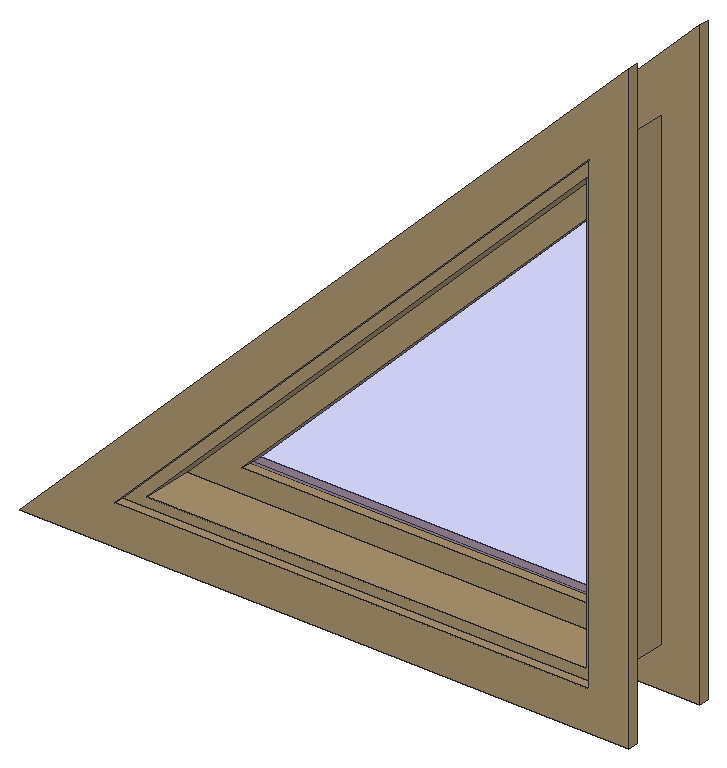
Revit family "Fixed Right Triangle", category Windows, host Wall, Revit 2015
Parameters
  Trim = yes
  Slope = 1' - 0"
  Height = Width * tan(Angle)  # 3' - 0"
  Default Sill Height = 3' - 0"
  Wall Closure = By host
  Width = 3' - 0"
  Angle = atan(Slope / 1' 0")  # 45.00°
Reference planes (in)
  plane 1 "Center (Front/Back)": y = 0
  plane 2: z = 0
  plane 3 "Center (Left/Right)": x = 0
  plane 4 "Left": x = -18
  plane 5 "Right": x = 18
  plane 6 "Sill": z = 36
Forms (in)
  Extrusion 1, solid, material "Softwood, Lumber"
    sketch origin (0, 0, 0) x (1, 0, 0) y (0, 0, 1)
      loop
        line (-18, 36) -> (18, 36) -> (18, 72) -> (-18, 36)
      loop
        line (17.25, 70.18934) -> (-16.18934, 36.75) -> (17.25, 36.75) -> (17.25, 70.18934)
    from -3 to 3
  Extrusion 2, solid, material "Softwood, Lumber"
    sketch origin (0, 0, 0) x (1, 0, 0) y (0, 0, 1)
      loop
        line (17.25, 70.18934) -> (-16.18934, 36.75) -> (17.25, 36.75) -> (17.25, 70.18934)
      loop
        line (15.5, 65.96447) -> (-11.96447, 38.5) -> (15.5, 38.5) -> (15.5, 65.96447)
    from -2.5 to -0.75
  Extrusion 3, solid, material "Glass"
    sketch origin (0, 0, 0) x (1, 0, 0) y (0, 0, 1)
      loop
        line (-11.96447, 38.5) -> (15.5, 38.5) -> (15.5, 65.96447) -> (-11.96447, 38.5)
    from -1.75 to -1.5
  Extrusion 4, solid, material "Softwood, Lumber", visible <- "Trim"
    sketch origin (-60, 3, 0) x (-1, 0, 0) y (0, 0, 1)
      loop
        line (-42, 36) -> (-78, 72) -> (-78, 36) -> (-42, 36)
      loop
        line (-81, 79.24264) -> (-81, 33) -> (-34.75736, 33) -> (-81, 79.24264)
    from 0 to 0.75
  Extrusion 5, solid, material "Softwood, Lumber", visible <- "Trim"
    sketch origin (-60, -3, 0) x (1, 0, 0) y (0, 0, 1)
      loop
        line (78, 72) -> (42, 36) -> (78, 36) -> (78, 72)
      loop
        line (81, 79.24264) -> (34.75736, 33) -> (81, 33) -> (81, 79.24264)
    from 0 to 0.75
Lines and regions (in)
  Opening 1
    outline origin (-60, -3, 0) x (1, 0, 0) y (0, 0, 1)
      loop
        line (42, 36) -> (78, 36) -> (78, 72) -> (42, 36)
Text (in)
  text "EXTERIOR" at (-58.6888, 50.90694, 0), in view "Ref. Level"
  text "INTERIOR" at (-58.6888, -37.76638, 0), in view "Ref. Level"
  text "Exterior" at (0, 43.65631, 123.19604), in view "Left"
  text "Exterior" at (0, 18.29385, 125.04747), in view "Right"
Dimensions and locks (in)
  equal spacing: plane 4 "Left", plane 3 "Center (Left/Right)", plane 5 "Right"
  "Width": plane 4 "Left" to plane 5 "Right"
  plane 6 "Sill" to host wall = 3' - 0"
  "Default Sill Height": plane 2 to plane 6 "Sill"
  locked: Extrusion 1 sketch curve to Extrusion 1 sketch curve at 0.75  (x3)
  locked: Extrusion 2 sketch curve to Extrusion 1 at 1.75  (x2)
  locked: Extrusion 1 to Extrusion 2 sketch curve at 1.75
  locked: Extrusion 1 to Extrusion 2 at 0.5
  locked: Extrusion 2 to Extrusion 2 at 1.75
  locked: Extrusion 2 to Extrusion 3 at 0.75  (x2)
  locked: Extrusion 4 sketch curve to Extrusion 1 at 3  (x3)
  "Angle": angle Opening 1 sketch curve to Opening 1 sketch curve
  aligned and locked: plane 6 "Sill" to Opening 1 sketch curve  (x2)
  aligned and locked: plane 5 "Right" to Opening 1 sketch curve
  aligned and locked: level to plane 2
  aligned and locked: host wall to Extrusion 1  (x2)
  aligned and locked: Extrusion 1 sketch curve to host wall  (x3)
  aligned and locked: Extrusion 2 sketch curve to Extrusion 1  (x3)
  aligned and locked: Extrusion 3 sketch curve to Extrusion 2  (x3)
  aligned and locked: Extrusion 4 sketch curve to Extrusion 1  (x3)
  aligned and locked: Extrusion 5 sketch curve to Extrusion 1  (x3)
  aligned and locked: Extrusion 5 sketch curve to Extrusion 4  (x3)
Automatic sketch dimensions
  plane 4 "Left" to Opening 1 sketch curve = 0' - 0"
